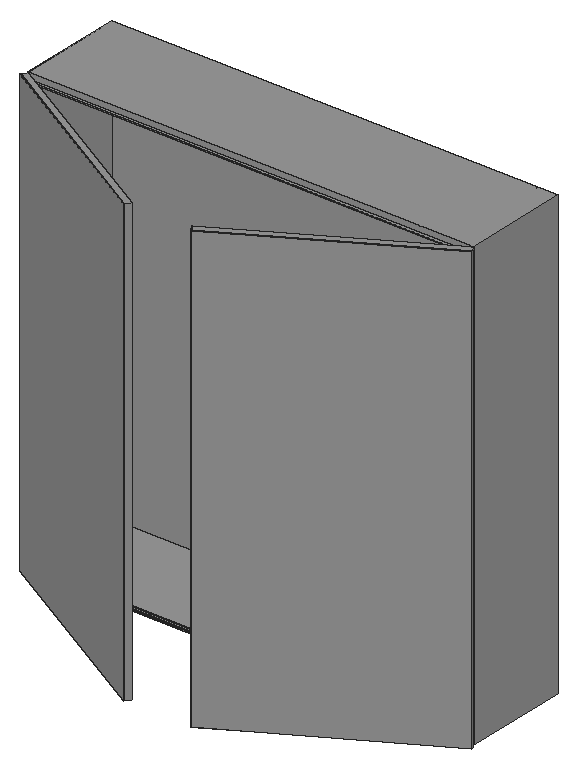
Revit family "Hager-Orion_Inox-IP55-D300-Cl.I-Inox_encl-630A-1200mm-NoHosted-CH-de", category Electrical Equipment, Revit 2020
Family settings
  Panel Configuration = Two Columns, Circuits Across
  Round Connector Dimension = Use Diameter
  Part Type = Panelboard
  Work Plane-Based = Yes
  Always vertical = Yes
  Cut with Voids When Loaded = No
  Shared = No
  Room Calculation Point = No
Parameters (values of type "Aufputz IP55 B1200 H1200 T300  - FL060BWL")
  Width Control [instance] = if([EF000008 - Breite] > Min Width, [EF000008 - Breite], Min Width)  # 1200 mm
  Type Comments = [HG000003 - Bereich]  # "Orion Inox"
  Thickness Door [instance] = if([EF009171 - Materialstärke Tür/Deckel] > 3 mm, 3 mm, [EF009171 - Materialstärke Tür/Deckel])  # 1.5 mm
  Seal Frame Offset [instance] = 17 mm  # constant formula
  Min Width [instance] = 100 mm  # constant formula
  Min Depth [instance] = (2 * [EF009170 - Materialstärke Gehäuse]) + 1 mm  # 4 mm
  Min Height [instance] = 100 mm  # constant formula
  Internal Frame Depth [instance] = -(Door System Depth * 0.5)  # -9 mm
  Panel Name [instance] = ""  # (empty or 0)
  Model = ""
  HG000027 - Sockelhöhe = 0 mm
  HG000026 - Stehend auf dem Boden = no
  HG000024 - Höhe des unteren Teils = 600 mm
  HG000023 - Gehäuse mit doppeltem Querschnitt = no
  HG000016 - 3D-Türsichtbarkeit [instance] = yes
  HG000015 - Sichtbarkeit der Türöffnung [instance] = no
  HG000014 - Tür rechts [instance] = yes
  HG000013 - Tür links [instance] = not([HG000014 - Tür rechts])  # no
  HG000012 - Türschwenkwinkel [instance] = 30.00°
  HG000010 - Asymmetrische Türen = no
  HG000009 - Doppelflügeligen Tür = yes
  HG000006 - Unterputz = no
  HG000004 - Herstellerreferenz = "FL060BWL"
  HG000003 - Bereich = "Orion Inox"
  HG000002 - Mit tür = yes
  Frame Offset Bottom [instance] = 10 mm  # constant formula
  Frame Offset [instance] = 15 mm  # constant formula
  EF015940 - Deckel mit Überdruckentlastung = no
  EF011959 - Schutzart (NEMA) = ""
  EF009554 - Anzahl der Öffnungen für Flanschplatten = 0
  EF009212 - Ausführung Deckel = "EV000116 - geschlossen"
  EF009171 - Materialstärke Tür/Deckel = 1.5 mm
  EF009170 - Materialstärke Gehäuse = 1.5 mm
  EF008873 - Nennstrom (In) = 630 A
  EF007800 - Geeignet für Blitzschutz = no
  EF006306 - Mit Schloss = yes
  EF006244 - Transparenter Deckel/Tür = no
  EF005474 - Schutzart (IP) = "EV006420 - IP55"
  EF004464 - Art der Tür = "EV003602 - Doppel"
  EF004427 - Anzahl der Module = 0
  EF004293 - Schlagfestigkeit = "EV008784 - IK10"
  EF003532 - Geeignet für Außengebrauch = yes
  EF002950 - Breite in Teilungseinheiten = 0
  EF001613 - Funktionserhalt = "EV000494 - ohne"
  EF001596 - Werkstoff des Gehäuses = "EV000166 - rostfreier Stahl"
  EF001131 - Innentiefe = 266 mm
  EF001088 - Anbaumöglichkeit = yes
  EF000437 - Anzahl der Leitungseinführungen = 0
  EF000339 - Art der Abdeckung = "EV004216 - Tür"
  EF000266 - Anzahl der Reihen = 0
  EF000218 - Einbautiefe = 0 mm
  EF000118 - Mit Montageplatte = no
  EF000116 - RAL-Nummer = ""
  EF000049 - Tiefe = 300 mm
  EF000040 - Höhe = 1200 mm
  EF000008 - Breite = 1200 mm
  EF000007 - Farbe = "EV000154 - sonstige"
  EF000003 - Montageart = "EV000384 - Aufputz"
  Door System Leaf Tolerance [instance] = 1.5 mm  # constant formula
  Door System Depth [instance] = 18 mm  # constant formula
  Description = ""
  Default Elevation = 1219.2 mm
  Connector Offset [instance] = Height Control / 2  # 600 mm
  Manufacturer = "Hager"  # constant formula
  Height Control [instance] = if([EF000040 - Höhe] > Min Height, [EF000040 - Höhe], Min Height)  # 1200 mm
  Depth Control [instance] = if([EF000049 - Tiefe] > Min Depth, [EF000049 - Tiefe], Min Depth)  # 300 mm
Types (4, lengths in mm): name | Width Control | HG000004 - Herstellerreferenz | EF000008 - Breite
  Aufputz IP55 B1000 H1200 T300  - FL058BW | 1000 | "FL058BW" | 1000
  Aufputz IP55 B1000 H1200 T300  - FL058BWL | 1000 | "FL058BWL" | 1000
  Aufputz IP55 B1200 H1200 T300  - FL060BW | 1200 | "FL060BW" | 1200
  Aufputz IP55 B1200 H1200 T300  - FL060BWL | 1200 | "FL060BWL" | 1200
Reference planes
  plane 1 "Center (Front/Back)": y = 0
  plane 2: z = 0
  plane 3 "Center (Left/Right)": x = 0
  plane 4: y = 0
  plane 5: y = 0
  plane 6: z = 0
  plane 7: x = -600
  plane 8: x = 600
  plane 9: x = 598.5
  plane 10: x = -598.5
  plane 11: z = 0
  plane 12: z = 1.5
  plane 13: y = -300
  plane 14: y = -1.5
  plane 15: x = 0
  plane 16: y = -282
  plane 17: y = -298.5
  plane 18: y = -280.5
  plane 19: x = -583.5
  plane 20: x = 583.5
  plane 21: z = 11.5
  plane 22: x = -583
  plane 23: x = 583
  plane 24: z = 0
  plane 25: z = 1200
  plane 26: z = 1200
  plane 27: z = 1183.5
  plane 28: z = 1198.5
Forms (mm)
  Extrusion 1, solid, material "Hager_Stainless_Steel", detail levels medium+fine
    sketch origin (-208.679, -4572, 0) x (-1, 0, 0) y (0, -1, 0)
      loop
        line (391.321, -4290) -> (-808.679, -4290) -> (-808.679, -4572) -> (391.321, -4572) -> (391.321, -4290)
    from 0 to 1200
  Extrusion 2, void
    sketch origin (-350.771, -300, 1219.2) x (1, 0, 0) y (0, 0, 1)
      loop
        line (-247.729, -20.7) -> (-247.729, -1217.7) -> (949.271, -1217.7) -> (949.271, -20.7) -> (-247.729, -20.7)
    from -19.5 to -298.5
  Extrusion 3, void
    sketch origin (-290.084, -282, 1219.2) x (1, 0, 0) y (0, 0, 1)
      loop
        line (-293.416, -1207.7) -> (873.584, -1207.7) -> (873.584, -35.7) -> (-293.416, -35.7) -> (-293.416, -1207.7)
    from 0 to -1.5
  Extrusion 4, solid, material "Hager_Stainless_Steel", detail levels fine
    sketch origin (-290.084, -282, 1219.2) x (-1, 0, 0) y (0, 0, 1)
      loop
        line (-873.584, -1207.7) -> (293.416, -1207.7) -> (293.416, -35.7) -> (-873.584, -35.7) -> (-873.584, -1207.7)
      loop
        line (-875.084, -1209.2) -> (294.916, -1209.2) -> (294.916, -34.2) -> (-875.084, -34.2) -> (-875.084, -1209.2)
    from 0 to -9 <- "Internal Frame Depth"
  Extrusion 5, solid, material "Hager_Stainless_Steel", detail levels coarse
    sketch origin (0, 0, 0) x (1, 0, 0) y (0, 1, 0)
      loop
        line (-600, 0) -> (-600, -300) -> (600, -300) -> (600, 0) -> (-600, 0)
    from 0 to 1200 <- "Height Control"
Cuts and joins
  Extrusion 2, Extrusion 3 cuts Extrusion 1
Lines and regions (mm)
  Masking region 1
    outline origin (0, 0, 0) x (1, 0, 0) y (0, 1, 0)
      loop
        line (-600, 0) -> (-600, -300) -> (600, -300) -> (600, 0) -> (-600, 0)
  Masking region 2
    outline origin (-290.084, -282, 1219.2) x (-1, 0, 0) y (0, 0, 1)
      loop
        line (-890.084, -1219.2) -> (309.916, -1219.2) -> (309.916, -19.2) -> (-890.084, -19.2) -> (-890.084, -1219.2)
  Masking region 3, detail levels coarse
    outline origin (0, 0, 0) x (0, 1, 0) y (0, 0, 1)
      loop
        line (0, 0) -> (0, 1200) -> (-300, 1200) -> (-300, 0) -> (0, 0)
  Masking region 4, detail levels medium+fine
    outline origin (0, 0, 594.038) x (0, 1, 0) y (0, 0, 1)
      loop
        line (0, -594.038) -> (0, 605.962) -> (-282, 605.962) -> (-282, -594.038) -> (0, -594.038)
Dimensions and locks
  locked: plane 1 "Center (Front/Back)" to plane 5
  "EF009170 - Materialstärke Gehäuse": plane 7 to plane 10
  "EF009170 - Materialstärke Gehäuse": plane 8 to plane 9
  equal spacing: plane 7, plane 3 "Center (Left/Right)", plane 8
  "Width Control": plane 7 to plane 8
  "Depth Control": plane 4 to plane 13
  "EF009170 - Materialstärke Gehäuse": plane 4 to plane 14
  "Height Control": plane 25 to level
  "EF009170 - Materialstärke Gehäuse": plane 12 to plane 11
  "EF009170 - Materialstärke Gehäuse": plane 17 to plane 13
  "EF009170 - Materialstärke Gehäuse": plane 18 to plane 16
  "Frame Offset Bottom": plane 21 to plane 12
  "Frame Offset": plane 10 to plane 19
  "Frame Offset": plane 9 to plane 20
  "Door System Depth": plane 16 to plane 13
  "Seal Frame Offset": plane 7 to plane 22
  "Seal Frame Offset": plane 8 to plane 23
  "EF009170 - Materialstärke Gehäuse": plane 26 to plane 28
  "Frame Offset": plane 28 to plane 27
  "Connector Offset": plane 2 to connector elem
  "Thickness Door": cut or joined group of Extrusion 1, Extrusion 2, Extrusion 3 to Extrusion 4 sketch curve
  "Thickness Door": Extrusion 4 sketch curve to plane 19
  "Thickness Door": Extrusion 4 sketch curve to plane 20
  "Thickness Door": Extrusion 4 sketch curve to plane 27
  aligned and locked: Extrusion 2 sketch curve to plane 12
  aligned and locked: Extrusion 2 sketch curve to plane 9
  aligned and locked: Extrusion 2 sketch curve to plane 10
  aligned and locked: Extrusion 2 to plane 14
  aligned and locked: Extrusion 1 sketch curve to plane 4
  aligned and locked: plane 8 to Extrusion 1 sketch curve
  aligned and locked: plane 7 to Extrusion 1 sketch curve
  aligned and locked: Extrusion 2 to plane 18
  aligned and locked: Extrusion 3 sketch curve to plane 19
  aligned and locked: plane 20 to Extrusion 3 sketch curve
  aligned and locked: Extrusion 3 to Extrusion 2
  aligned and locked: Extrusion 3 sketch curve to plane 21
  aligned and locked: plane 3 "Center (Left/Right)" to nested 1
  aligned and locked: Extrusion 1 sketch curve to plane 16
  aligned and locked: Masking region 1 sketch curve to plane 7
  aligned and locked: Masking region 1 sketch curve to plane 5
  aligned and locked: Masking region 1 sketch curve to plane 8
  aligned and locked: Masking region 2 sketch curve to level
  aligned and locked: level to Masking region 3 sketch curve
  aligned and locked: plane 1 "Center (Front/Back)" to Masking region 3 sketch curve
  aligned and locked: plane 13 to Masking region 3 sketch curve
  aligned and locked: Masking region 2 sketch curve to plane 8
  aligned and locked: Masking region 2 sketch curve to plane 7
  aligned and locked: plane 7 to nested 2
  aligned and locked: nested 2 to plane 5
  aligned and locked: plane 5 to Masking region 4 sketch curve
  aligned and locked: plane 26 to Masking region 4 sketch curve
  aligned and locked: Extrusion 5 sketch curve to plane 8
  aligned and locked: Extrusion 5 sketch curve to plane 7
  aligned and locked: Extrusion 5 sketch curve to plane 5
  aligned and locked: Extrusion 3 sketch curve to plane 27
  aligned and locked: Extrusion 2 sketch curve to plane 28
  aligned and locked: Extrusion 4 sketch curve to plane 27
  aligned and locked: Extrusion 4 sketch curve to plane 20
  aligned and locked: Extrusion 4 sketch curve to plane 21
  aligned and locked: Extrusion 4 sketch curve to plane 19
  aligned and locked: Masking region 2 to plane 25
  aligned and locked: Masking region 4 sketch curve to plane 24
  aligned and locked: Masking region 1 to plane 13
  aligned and locked: nested 1 to plane 16
  aligned and locked: Masking region 3 to plane 25
  aligned and locked: Masking region 4 sketch curve to plane 16
  aligned and locked: plane 24 to plane 11
  aligned and locked: plane 26 to plane 25
  aligned and locked: level to plane 24
  aligned and locked: Extrusion 1 to Masking region 3
  aligned and locked: level to nested 1
Automatic sketch dimensions
  Extrusion 5 sketch curve to plane 13 = 0 mm
  plane 27 to Masking region 2 sketch curve = 16.5 mm
  plane 27 to Masking region 3 sketch curve = 16.5 mm
  Masking region 1 sketch curve to plane 13 = 0 mm
  Extrusion 3 sketch curve to plane 21 = 0 mm
  plane 19 to Extrusion 3 sketch curve = 0 mm
  Extrusion 3 sketch curve to plane 20 = 0 mm
Nested families
  nested 1: "EC000058_OrionInox_Door" at (0, -282, 0), Double <- "HG000009 - Doppelflügeligen Tür", Transparent <- "EF006244 - Transparenter Deckel/Tür", Angle <- "HG000012 - Türschwenkwinkel", Door_Right <- "HG000014 - Tür rechts", Assymetrical <- "HG000010 - Asymmetrische Türen", Door <- "HG000002 - Mit tür", Width_Ctrl <- "Width Control", 3d_Door <- "HG000016 - 3D-Türsichtbarkeit", Clearance <- "HG000015 - Sichtbarkeit der Türöffnung", Door_Left <- "HG000013 - Tür links", Width <- "Width Control", Door_Depth <- "Door System Depth", Leaf_Tolerance <- "Door System Leaf Tolerance", Height <- "Height Control", Thickness <- "Thickness Door", type "EC000058_OrionInox_Door", detail levels medium+fine
    with min_wh 4 mm, Width_Ctrl 1200 mm, Width 1200 mm, Transparent no, Thickness 1.5 mm, Seal_Material Hager_Rubber, Leaf_Width 1200 mm, Leaf_Tolerance_External_Sides 0 mm, Leaf_Tolerance 1.5 mm, Leaf_Offset 0 mm, Leaf_Height 1197 mm, Leaf_2_Width 598.5 mm, Leaf_2_Offset 300 mm, Leaf_1_Width 598.5 mm, Leaf_1_Offset 300 mm, Height_Ctrl 1200 mm, Height 1200 mm, Glass_Material Hager_Glass, Double_Clearance_Ctrl no, Double yes, Door_Right_Ctrl yes, Door_Right yes, Door_Material Hager_Stainless_Steel, Door_Left_Ctrl yes, Door_Left no, Door_Depth 18 mm, Door yes, Clearance_Material Hager_Clearance, Clearance_Depth 598.5 mm, Clearance_Ctrl no, Clearance no, Assymetrical no, Angle 30.00°, 3d_Door yes
  nested 2: "Hager_Enclosure_Symbol" at (-600, 0, 0), Height <- "Depth Control", Width <- "Width Control", type "Hager_Enclosure_Symbol"
    with Width_Ctrl 1200 mm, Width 1200 mm, Height_Ctrl 300 mm, Height 300 mm, A_Width_Int 19.688 mm, A_Width 236.25 mm, A_Height_Ctrl 262.5 mm, A_Height 262.5 mm
Connectors
  electrical at (0, 0, 600)
    settings: on plane 1 "Center (Front/Back)", index 1, voltage 0 V, apparent load 0 VA, apparent load phase1 0 VA, apparent load phase2 0 VA, apparent load phase3 0 VA, power factor 1, load classification "Other", number of poles 1, system type 30, power factor state 1, is connector primary yes, connector utility no, sub classification motor no, connector description ""
Definition of nested family "EC000058_OrionInox_Door"
  Parameters (values of type "EC000058_OrionInox_Door")
    min_wh [instance] = (2 * Thickness) + 1 mm  # 11 mm
    Width_Ctrl [instance] = 400 mm
    Width [instance] = 500 mm
    Transparent [instance] = yes
    Thickness [instance] = 5 mm
    Seal_Material [instance] = none
    Leaf_Width [instance] = if((Width_Ctrl - 2 * Leaf_Tolerance_External_Sides) > 0 mm, (Width_Ctrl - 2 * Leaf_Tolerance_External_Sides), min_wh)  # 400 mm
    Leaf_Tolerance_External_Sides [instance] = 0 mm  # constant formula
    Leaf_Tolerance [instance] = 1.5 mm
    Leaf_Offset [instance] = 0 mm  # constant formula
    Leaf_Height [instance] = if((Height_Ctrl - 2 * Leaf_Tolerance) > 0 mm, (Height_Ctrl - 2 * Leaf_Tolerance), min_wh)  # 497 mm
    Leaf_2_Width [instance] = if(and(and(Double, Assymetrical), Door_Left), (Leaf_Width / 3) - (Leaf_Tolerance / 2), if(and(and(Double, Assymetrical), Door_Right), (Leaf_Width / 3) * 2 - (Leaf_Tolerance / 2), if(and(Double, not(Assymetrical)), (Leaf_Width / 2) - Leaf_Tolerance, Leaf_Width)))  # 400 mm
    Leaf_2_Offset [instance] = if(and(Double, Assymetrical), Leaf_2_Width / 2, if(and(Double, not(Assymetrical)), Leaf_Width / 4, Leaf_Width / 2))  # 200 mm
    Leaf_1_Width [instance] = if(and(and(Double, Assymetrical), Door_Right), (Leaf_Width / 3) - (Leaf_Tolerance / 2), if(and(and(Double, Assymetrical), Door_Left), (Width / 3) * 2 - (Leaf_Tolerance / 2), if(and(Double, not(Assymetrical)), (Leaf_Width / 2) - Leaf_Tolerance, Leaf_Width)))  # 400 mm
    Leaf_1_Offset [instance] = if(and(Double, Assymetrical), Leaf_1_Width / 2, if(and(Double, not(Assymetrical)), Leaf_Width / 4, Leaf_Width / 2))  # 200 mm
    Height_Ctrl [instance] = if(Height > min_wh, Height, min_wh)  # 500 mm
    Height [instance] = 500 mm
    Glass_Material [instance] = none
    Double_Clearance_Ctrl [instance] = and(Double, Clearance)  # no
    Double [instance] = no
    Door_Right_Ctrl [instance] = and(or(Door_Right, Double), Door)  # yes
    Door_Right [instance] = yes
    Door_Material [instance] = none
    Door_Left_Ctrl [instance] = and(or(Door_Left, Double), Door)  # no
    Door_Left [instance] = no
    Door_Depth [instance] = 30 mm
    Door [instance] = yes
    Default Elevation = 1219.2 mm
    Clearance_Material [instance] = none
    Clearance_Depth [instance] = if(Leaf_1_Width > Leaf_2_Width, Leaf_1_Width, Leaf_2_Width)  # 400 mm
    Clearance_Ctrl [instance] = and(not(Double), Clearance)  # yes
    Clearance [instance] = yes
    Assymetrical [instance] = yes
    Angle [instance] = 30.00°
    3d_Door [instance] = yes
  Reference planes
    plane 1 "Center (Front/Back)": y = 0
    plane 2 "Bottom": z = 0
    plane 3 "Center (Left/Right)": x = 0
    plane 4: z = 500
    plane 5: x = -200
    plane 6: x = 200
    plane 7: z = 500
    plane 8: x = -200
    plane 9: z = 0
    plane 10: x = 200
    plane 11: y = 0
    plane 12: z = 1.5
    plane 13: x = -600
    plane 14: y = -400
    plane 15: x = 600
    plane 16: x = 0
    plane 17: x = 0
    plane 18: x = -200
    plane 19: x = 200
    plane 20: z = 498.5
  Forms (mm)
    Extrusion 1, solid, material <- "Clearance_Material", visible <- "Double_Clearance_Ctrl"
      sketch origin (1200, 0, 0) x (1, 0, 0) y (0, 0, -1)
        loop
          line (-1800, -498.5) -> (-600, -498.5) -> (-600, 0) -> (-1800, 0) -> (-1800, -498.5)
      from 0 to -400
  Dimensions and locks
    equal spacing: plane 5, plane 3 "Center (Left/Right)", plane 6
    "Width_Ctrl": plane 5 to plane 6
    "Leaf_Offset": plane 5 to plane 8
    "Leaf_Offset": plane 6 to plane 10
    "Leaf_Offset": plane 9 to level
    "Leaf_Offset": plane 4 to plane 7
    "Height_Ctrl": plane 4 to level
    "Leaf_Tolerance": plane 12 to plane 9
    locked: plane 11 to plane 1 "Center (Front/Back)"
    "Leaf_1_Offset": plane 18 to plane 16
    "Leaf_2_Offset": plane 17 to plane 19
    "Leaf_1_Width": plane 13 to plane 8
    "Leaf_2_Width": plane 10 to plane 15
    "Clearance_Depth": plane 14 to plane 1 "Center (Front/Back)"
    "Leaf_Tolerance_External_Sides": plane 8 to plane 18
    "Leaf_Tolerance_External_Sides": plane 19 to plane 10
    "Leaf_Tolerance": plane 7 to plane 20
    aligned and locked: level to plane 2 "Bottom"
    aligned and locked: nested 1 to plane 16
    aligned and locked: nested 2 to plane 17
    aligned and locked: Extrusion 1 to plane 13
    aligned and locked: plane 15 to Extrusion 1
    aligned and locked: Extrusion 1 to plane 14
    aligned and locked: plane 12 to nested 1
    aligned and locked: nested 2 to plane 12
    aligned and locked: Extrusion 1 to plane 11
    aligned and locked: plane 20 to Extrusion 1
    aligned and locked: nested 2 to plane 11
    aligned and locked: nested 1 to plane 11
  Automatic sketch dimensions
    Extrusion 1 sketch curve to level = 0 mm
    plane 5 to Extrusion 1 sketch curve = 400 mm
    plane 6 to Extrusion 1 sketch curve = 400 mm
    Extrusion 1 sketch curve to plane 4 = 1.5 mm
  Nested families
    nested 1: "EC000058_OrionInox_Door_Leaf" at (0, 0, 1.5), Width <- "Leaf_1_Width", visible <- "Door_Left_Ctrl", Leaf_Height <- "Leaf_Height", Angle <- "Angle", 3d_Door <- "3d_Door", Transparent <- "Transparent", Clearance Material <- "Clearance_Material", Clearance <- "Clearance_Ctrl", Door_Material <- "Door_Material", Glass_Material <- "Glass_Material", Door_Depth <- "Door_Depth", Seal_Material <- "Seal_Material", Thickness <- "Thickness", type "EC000058_OrionInox_Door_Leaf"
      with Width 400 mm, Transparent_Ctrl yes, Transparent yes, Thickness 5 mm, Standard no, Seal_Material none, Seal_D2 8 mm, Seal_D1 1 mm, Offset_Internal_Frame 10 mm, Lock_Width 28 mm, Lock_Thickness 2 mm, Lock_Radius 6 mm, Leaf_Height 497 mm, Internal_Seal_Thickness 8 mm, Internal_Seal_Depth_2 4.5 mm, Internal_Frame_Depth 25 mm, Glass_Thickness -1 mm, Glass_Offset -2 mm, Glass_Material none, Door_Material none, Door_Depth 30 mm, Clearance Material none, Clearance yes, Angle_Ctrl 30.00°, Angle 30.00°, 3d_Door yes
    nested 2: "EC000058_OrionInox_Door_Leaf" at (0, 0, 1.5) x (-1, 0, 0) z (0, 0, 1), Width <- "Leaf_2_Width", visible <- "Door_Right_Ctrl", Leaf_Height <- "Leaf_Height", Angle <- "Angle", 3d_Door <- "3d_Door", Transparent <- "Transparent", Clearance Material <- "Clearance_Material", Clearance <- "Clearance_Ctrl", Door_Material <- "Door_Material", Glass_Material <- "Glass_Material", Door_Depth <- "Door_Depth", Seal_Material <- "Seal_Material", Thickness <- "Thickness", type "EC000058_OrionInox_Door_Leaf"
      with Width 400 mm, Transparent_Ctrl yes, Transparent yes, Thickness 5 mm, Standard no, Seal_Material none, Seal_D2 8 mm, Seal_D1 1 mm, Offset_Internal_Frame 10 mm, Lock_Width 28 mm, Lock_Thickness 2 mm, Lock_Radius 6 mm, Leaf_Height 497 mm, Internal_Seal_Thickness 8 mm, Internal_Seal_Depth_2 4.5 mm, Internal_Frame_Depth 25 mm, Glass_Thickness -1 mm, Glass_Offset -2 mm, Glass_Material none, Door_Material none, Door_Depth 30 mm, Clearance Material none, Clearance yes, Angle_Ctrl 30.00°, Angle 30.00°, 3d_Door yes
  Definition of nested family "EC000058_OrionInox_Door_Leaf"
    Parameters (values of type "EC000058_OrionInox_Door_Leaf")
      Width [instance] = 450 mm
      Transparent_Ctrl [instance] = and(Transparent, [3d_Door])  # yes
      Transparent [instance] = yes
      Thickness [instance] = 5 mm
      Standard [instance] = and(not(Transparent), [3d_Door])  # no
      Seal_Material [instance] = none
      Seal_D2 [instance] = 8 mm  # constant formula
      Seal_D1 [instance] = 1 mm  # constant formula
      Offset_Internal_Frame [instance] = 10 mm  # constant formula
      Lock_Width [instance] = Door_Depth - Lock_Thickness  # 28 mm
      Lock_Thickness [instance] = 2 mm  # constant formula
      Lock_Radius [instance] = 6 mm  # constant formula
      Leaf_Height [instance] = 450 mm
      Internal_Seal_Thickness [instance] = 8 mm  # constant formula
      Internal_Seal_Depth_2 [instance] = 4.5 mm  # constant formula
      Internal_Frame_Depth [instance] = if(Door_Depth - Thickness > 5 mm, Door_Depth - Thickness, 5 mm)  # 25 mm
      Glass_Thickness [instance] = if(Thickness > 15 mm, Glass_Offset + 10 mm, -1 mm)  # -1 mm
      Glass_Offset [instance] = if(Thickness > 15 mm, -(Thickness + 10 mm) / 2, -2 mm)  # -2 mm
      Glass_Material [instance] = none
      Door_Material [instance] = none
      Door_Depth [instance] = 30 mm
      Default Elevation = 0 mm
      Clearance Material [instance] = none
      Clearance [instance] = yes
      Angle_Ctrl [instance] = if(Angle > 180.00°, 180.00°, Angle)  # 90.00°
      Angle [instance] = 90.00°
      3d_Door [instance] = yes
    Reference planes
      plane 1 "Center (Front/Back)": y = 0
      plane 2: z = 0
      plane 3 "Center (Left/Right)": x = 0
      plane 4: y = 450
      plane 5: x = -225
      plane 6: x = 225
      plane 7: x = -675
      plane 8: z = 450
      plane 9: z = 30
      plane 10: z = 420
      plane 11: x = 195
      plane 12: x = -195
      plane 13: y = -3
      plane 14: z = 107.833
      plane 15: y = -5
      plane 16: y = -223.314
      plane 17: x = -225
      plane 18: y = 30
    Forms (mm)
      Extrusion 1, solid, material <- "Clearance Material", visible <- "Clearance"
        sketch origin (0, 0, 0) x (1, 0, 0) y (0, 0, 1)
          loop
            line (-675, 450) -> (-675, 0) -> (225, 0) -> (225, 450) -> (-675, 450)
        from 0 to -450
      Extrusion 2, solid, material <- "Door_Material", visible <- "Standard", detail levels medium+fine
        sketch origin (-225, 0, 0) x (0, 1, 0) y (-1, 0, 0)
          loop
            line (0, 30) -> (0, 25) -> (450, 25) -> (450, 30) -> (0, 30)
        from 0 to 450 <- "Leaf_Height"
      Extrusion 3, solid, material <- "Door_Material", visible <- "Transparent_Ctrl", detail levels medium+fine
        sketch origin (-225, 0, 0) x (0, 1, 0) y (-1, 0, 0)
          loop
            line (0, 25) -> (450, 25) -> (450, 30) -> (0, 30) -> (0, 25)
        from 0 to 450 <- "Leaf_Height"
      Extrusion 4, void
        sketch origin (-250, 450, 0) x (0, 1, 0) y (0, 0, -1)
          loop
            line (-30, -420) -> (-30, -30) -> (-420, -30) -> (-420, -420) -> (-30, -420)
        from 0 to 5 <- "Thickness"
      Sweep 5, solid, material <- "Seal_Material", visible <- "Transparent_Ctrl", detail levels fine
        path in 3D
          loop
            line (-250, 30, 30) -> (-250, 30, 420) -> (-250, 420, 420) -> (-250, 420, 30) -> (-250, 30, 30)
        profile origin (-250, 225, 30) x (1, 0, 0) y (0, 0, 1)
          loop
            line (0, 0) -> (0, -8) -> (1, -8) -> (1, 0) -> (0, 0)
      Extrusion 6, solid, material <- "Glass_Material", visible <- "Transparent_Ctrl", detail levels medium+fine
        sketch origin (-255, 0, 0) x (0, 1, 0) y (0, 0, -1)
          loop
            line (420, -420) -> (420, -30) -> (30, -30) -> (30, -420) -> (420, -420)
        from -2 <- "Glass_Offset" to -1 <- "Glass_Thickness"
      Extrusion 7, solid, material <- "Door_Material", visible <- "3d_Door", detail levels medium+fine
        sketch origin (-250, 450, 0) x (0, -1, 0) y (0, 0, -1)
          loop
            line (0, -450) -> (450, -450) -> (450, 0) -> (0, 0) -> (0, -450)
          loop
            line (445, -5) -> (5, -5) -> (5, -445) -> (445, -445) -> (445, -5)
        from 0 to 25 <- "Internal_Frame_Depth"
      Sweep 8, solid, material <- "Seal_Material", visible <- "Transparent_Ctrl", detail levels fine
        path in 3D
          loop
            line (-250, 0, 0) -> (-250, 450, 0) -> (-250, 450, 450) -> (-250, 0, 450) -> (-250, 0, 0)
        profile origin (-250, 0, 225) x (1, 0, 0) y (0, 1, 0)
          loop
            line (0, 10) -> (2.975, 10)
            arc (2.975, 10) -> (4.053, 10.447) -> (4.5, 11.525) r 1.525
            line (4.5, 11.525) -> (4.5, 16.527)
            arc (4.5, 16.527) -> (4.069, 17.569) -> (3.027, 18) r 1.473
            line (3.027, 18) -> (0, 18) -> (0, 10)
    Cuts and joins
      Extrusion 4 cuts Extrusion 3
    Lines and regions (mm)
      Masking region 1, detail levels medium+fine
        outline origin (0, 0, 0) x (0, 1, 0) y (0, 0, 1)
          loop
            line (0, 0) -> (30, 0) -> (30, 450) -> (0, 450) -> (0, 0)
      Masking region 2, detail levels medium+fine
        outline origin (0, 0, 0) x (1, 0, 0) y (0, 0, 1)
          loop
            line (-225, 450) -> (-225, 0) -> (225, 0) -> (225, 450) -> (-225, 450)
      symbolic lines
        curve 1: line (225, 0, 0) -> (-675, 0, 0)
        curve 2: arc (225, 0, 0) -> (-225, 450, 0) -> (-675, 0, 0) r 450
        curve 4: line (-255, 0, 0) -> (-255, 450, 0)
      reference lines
        curve 3: line (-225, 0, 0) -> (-225, 450, 0)
      symbolic lines, detail levels medium+fine
        curve 5: line (-255, 450, 0) -> (-250, 450, 0)
        curve 7: line (-250, 0, 0) -> (-255, 0, 0)
        curve 8: line (-250, 0, 0) -> (-225, 0, 0)
        curve 9: line (-225, 0, 0) -> (-225, 450, 0)
        curve 10: line (-225, 450, 0) -> (-250, 450, 0)
      symbolic lines, detail levels fine
        curve 6: line (-250, 450, 0) -> (-250, 0, 0)
      sketch lines
        curve 11: line (-250, 0, 450) -> (-250, 0, 0)
        curve 12: line (-250, 450, 0) -> (-250, 0, 0)
        curve 13: line (-250, 450, 450) -> (-250, 450, 0)
        curve 14: line (-250, 0, 450) -> (-250, 450, 450)
        curve 15: line (-250, 420, 30) -> (-250, 30, 30)
        curve 16: line (-250, 30, 30) -> (-250, 30, 420)
        curve 17: line (-250, 420, 420) -> (-250, 420, 30)
        curve 18: line (-250, 30, 420) -> (-250, 420, 420)
      symbolic lines, visible <- "Transparent", detail levels medium+fine
        curve 19: line (-195, 0, 420) -> (195, 0, 420)
        curve 20: line (-195, 0, 30) -> (-195, 0, 420)
        curve 21: line (195, 0, 30) -> (-195, 0, 30)
        curve 22: line (195, 0, 420) -> (195, 0, 30)
    Dimensions and locks
      "Width": plane 1 "Center (Front/Back)" to plane 4
      equal spacing: plane 5, plane 3 "Center (Left/Right)", plane 6
      "Width": plane 5 to plane 6
      "Width": plane 7 to plane 5
      "Leaf_Height": plane 8 to level
      "Width": curve 5 to curve 3
      "Width": curve 3 to curve 3
      plane 8 to plane 10 = 30 mm
      plane 9 to level = 30 mm
      plane 12 to plane 5 = 30 mm
      plane 6 to plane 11 = 30 mm
      Extrusion 4 sketch curve to Extrusion 3 = 30 mm
      Extrusion 3 to Extrusion 4 sketch curve = 30 mm
      Extrusion 1 to Extrusion 4 sketch curve = 30 mm
      curve 3 to Extrusion 4 sketch curve = 30 mm
      Extrusion 4 sketch curve to cut or joined group of Extrusion 3, Extrusion 4 = 30 mm
      cut or joined group of Extrusion 3, Extrusion 4 to Extrusion 6 sketch curve = 30 mm
      cut or joined group of Extrusion 3, Extrusion 4 to Extrusion 4 sketch curve = 30 mm
      "Thickness": curve 6 to curve 4
      "Thickness": Extrusion 7 sketch curve to Extrusion 7 sketch curve  (x4)
      "Door_Depth": curve 4 to curve 3
      "Offset_Internal_Frame": profile plane to Sweep 8 sketch curve
      "Internal_Seal_Thickness": Sweep 8 sketch curve to Sweep 8 sketch curve
      "Internal_Seal_Depth_2": profile plane to Sweep 8 sketch curve
      "Seal_D1": profile plane to Sweep 5 sketch curve
      "Seal_D2": profile plane to Sweep 5 sketch curve
      "Thickness": Extrusion 2 sketch curve to Extrusion 2 sketch curve
      "Door_Depth": plane 18 to plane 1 "Center (Front/Back)"
      radius of Sweep 8 sketch curve = 1.525 mm
      radius of Sweep 8 sketch curve = 1.473 mm
      "Angle_Ctrl": angle plane 1 "Center (Front/Back)" to curve 3
      aligned and locked: level to plane 2
      aligned and locked: Extrusion 1 to curve 1
      aligned and locked: plane 6 to Extrusion 1
      aligned and locked: plane 1 "Center (Front/Back)" to Extrusion 1
      aligned and locked: plane 4 to Extrusion 1
      aligned and locked: plane 8 to Extrusion 1
      aligned and locked: curve 7 to Extrusion 2 sketch curve
      aligned and locked: curve 5 to Extrusion 2 sketch curve
      aligned and locked: curve 7 to Extrusion 3 sketch curve
      aligned and locked: Extrusion 3 sketch curve to curve 4
      aligned and locked: Extrusion 3 sketch curve to curve 6
      aligned and locked: Extrusion 3 sketch curve to curve 5
      aligned and locked: curve 9 to curve 3
      aligned and locked: Extrusion 7 sketch curve to cut or joined group of Extrusion 3, Extrusion 4  (x4)
      aligned and locked: plane 17 to curve 3
      aligned and locked: plane 1 "Center (Front/Back)" to curve 3
      aligned and locked: plane 17 to plane 5
      aligned and locked: Sweep 8 sketch curve to profile plane
      aligned and locked: Sweep 5 sketch curve to profile plane  (x2)
      aligned and locked: plane 1 "Center (Front/Back)" to Masking region 1 sketch curve
      aligned and locked: plane 18 to Masking region 1 sketch curve
      aligned and locked: level to Masking region 1 sketch curve
      aligned and locked: Masking region 1 sketch curve to plane 8
      aligned and locked: plane 17 to Masking region 2 sketch curve
      aligned and locked: level to Masking region 2 sketch curve
      aligned and locked: Masking region 2 sketch curve to plane 8
      aligned and locked: plane 12 to curve 20
      aligned and locked: plane 10 to curve 19
      aligned and locked: plane 11 to curve 22
      aligned and locked: plane 9 to curve 21
      aligned and locked: Extrusion 2 sketch curve to cut or joined group of Extrusion 3, Extrusion 4
    Automatic sketch dimensions
      plane 1 "Center (Front/Back)" to curve 2 = 0 mm
      curve 2 to plane 5 = 0 mm
      Extrusion 1 sketch curve to level = 0 mm
      Extrusion 1 sketch curve to plane 7 = 0 mm
      Extrusion 1 sketch curve to plane 6 = 0 mm
      Extrusion 1 sketch curve to plane 8 = 0 mm
      Extrusion 3 to Extrusion 6 sketch curve = 30 mm  (x4)
      Masking region 2 sketch curve to plane 6 = 0 mm
      curve 4 to curve 3 = 0 mm
Definition of nested family "Hager_Enclosure_Symbol"
  Parameters (values of type "Hager_Enclosure_Symbol")
    Width_Ctrl [instance] = if(Width > 1 mm, Width, 1 mm)  # 102.27 mm
    Width [instance] = 102.27 mm
    Height_Ctrl [instance] = if(Height > 1 mm, Height, 1 mm)  # 66.5 mm
    A_Width_Int [instance] = if(A_Width / 12 > 2 mm, A_Width / 12, 2 mm)  # 4.364 mm
    A_Width [instance] = if(A_Height_Ctrl * 0.9 > 2 mm, A_Height_Ctrl * 0.9, 2 mm)  # 52.369 mm
    A_Height_Ctrl [instance] = if(A_Height > 2 mm, A_Height, 2 mm)  # 58.188 mm
    Height [instance] = 66.5 mm
    A_Height [instance] = Height - (Height / 8)  # 58.188 mm
  Reference planes
    plane 1 "Centre (avant/arrière)": y = 0
    plane 2: z = 0
    plane 3 "Centre (gauche/droite)": x = 0
    plane 4: x = 52.369
    plane 5: y = 33.042
    plane 6: y = 41.77
    plane 7: y = 66.5
    plane 8: x = 26.184
    plane 9: y = 37.406
    plane 10: x = 102.27
    plane 11: y = 66.5
    plane 12: y = 8.313
  Lines and regions (mm)
    Filled region 1, type "Solid_Black", in view "Niveau de réf."
      outline origin (0, 0, 0) x (1, 0, 0) y (0, 1, 0)
        loop
          line (52.369, 66.5) -> (33.188, 54.536) -> (45.365, 45.006) -> (52.369, 66.5)
    Filled region 2, type "Solid_Black", in view "Niveau de réf."
      outline origin (0, 0, 0) x (1, 0, 0) y (0, 1, 0)
        loop
          line (0, 0) -> (102.27, 0) -> (102.27, 66.5) -> (0, 0)
    detail lines, in view "Niveau de réf."
      curve 1: line (0, 8.313, 0) -> (26.184, 41.77, 0)
      curve 2: line (26.184, 41.77, 0) -> (26.184, 33.042, 0)
      curve 3: line (26.184, 33.042, 0) -> (52.369, 66.5, 0)
  Dimensions and locks
    "A_Width": plane 3 "Centre (gauche/droite)" to plane 4
    equal spacing: plane 3 "Centre (gauche/droite)", plane 8, plane 4
    equal spacing: plane 6, plane 9, plane 5
    equal spacing: curve 3, Filled region 1 sketch curve, Filled region 1 sketch curve
    "Height_Ctrl": plane 1 "Centre (avant/arrière)" to plane 11
    "A_Height_Ctrl": plane 11 to plane 12
    equal spacing: plane 11, plane 9, plane 12
    "A_Width_Int": plane 6 to plane 9
    "Width_Ctrl": plane 3 "Centre (gauche/droite)" to plane 10
    angle Filled region 1 sketch curve to curve 3 = 20.00°
    angle curve 3 to Filled region 1 sketch curve = 20.00°
    locked: curve 3 to Filled region 1 sketch curve (angle 90.00°)
    aligned and locked: plane 10 to Filled region 2
    aligned and locked: plane 11 to Filled region 2 sketch curve
    aligned and locked: plane 10 to Filled region 2 sketch curve
    aligned and locked: plane 3 "Centre (gauche/droite)" to curve 1
    aligned and locked: plane 12 to curve 1
    aligned and locked: plane 7 to plane 11
  Automatic sketch dimensions
    Filled region 1 sketch curve to plane 4 = 0 mm
    Filled region 1 sketch curve to plane 7 = 0 mm
    plane 1 "Centre (avant/arrière)" to Filled region 2 sketch curve = 0 mm
    Filled region 2 sketch curve to plane 3 "Centre (gauche/droite)" = 0 mm
    curve 2 to plane 6 = 0 mm
    curve 2 to plane 8 = 0 mm
    curve 3 to plane 4 = 0 mm
    curve 2 to plane 5 = 0 mm
    curve 3 to plane 7 = 0 mm
